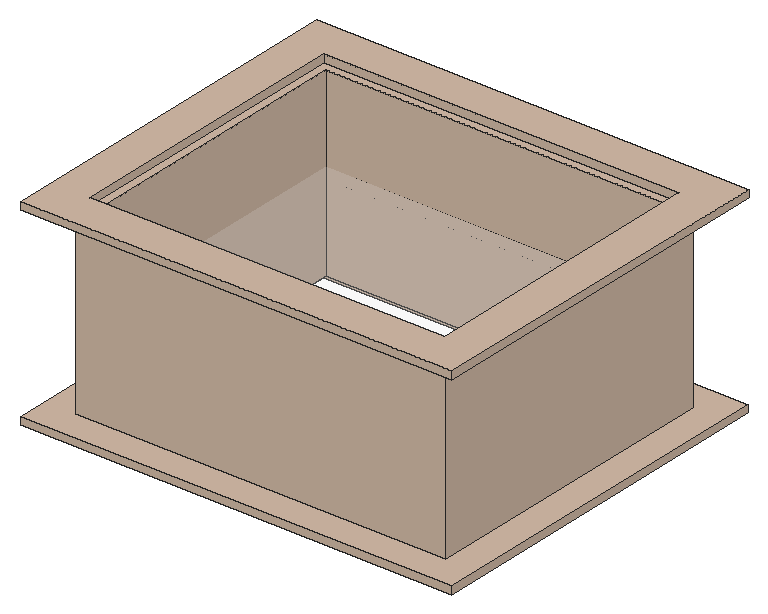
Revit family "Window_Finlandia_Sauna-Window-Opening", category Windows, host Face, Revit 2026
Family settings
  Host = Face
  Classification Number = 23.30.20.17.11
  Cut with Voids When Loaded = No
  Shared = Yes
  Room Calculation Point = No
Parameters
  Warranty Duration (Years) = 0
  Wall Thickness [instance] = 1' - 0"
  Unit Width [instance] = 2' - 0"
  Unit Height [instance] = 1' - 8"
  URL = "http://www.finlandiasauna.com/index.html"
  Test Data = ""
  Specification = "http://www.arcat.com/sdspecs/htm/13052fin.htm"
  SpecWizard = ""
  Send Message = "http://www.arcat.com/users.pl?action=UserEmail&amp;company=Finlandia+Sauna+Products,+Inc.&amp;coid=32492&amp;rep=133&amp;fax=503-684-1120&amp;mf=95"
  Sales Information = "http://www.finlandiasauna.com/sauna-contactus.html"
  Revision = "R1_2014-07"
  Product Properties = ""
  Product Data = "http://www.arcat.com/arcatcos/cos9532/arc32492.html"
  Model = "As Specified"
  Manufacturer Website = "http://www.finlandiasauna.com/index.html"
  Manufacturer Phone - Toll Free = "800-354-3342"
  Manufacturer Phone = "503-684-8289"
  Manufacturer Fax = "503-684-1120"
  Manufacturer Address = "14010-B S.W. 72nd Ave.  Portland, OR 97224-0088"
  Manufacturer = "Finlandia Sauna Products, Inc."
  Maintenance Schedule (Months) = 0
  Keynote = "13052"
  Installation-Fabrication = ""
  Installation Phase = ""
  Green Building-LEED = "http://www.arcat.com/green/clients95/leed_data_32492.html"
  Glazing Tint [instance] = Glazing - Finlandia - Clear
  Frame Finish [instance] = Wood - Douglas Fir - Finlandia - Finish as Specified
  Expected Lifespan (Years) = 0
  Drawn By = "Sumex Design, Inc. / Robert S. Weygant, CSI, CDT, SCIP"
  Description = "Finlandia Fixed Window Opening - Size as Specified"
  Default Elevation = 0' - 0"
  Copyright = "©Arcat Inc."
  Construction Details = "http://www.arcat.com/details/finsauna/95finsauna.html?coid=32492"
  Building Codes = ""
  Assembly Code = "B2020130"
Reference planes (in)
  plane 1 "Center (Front/Back)": y = 0
  plane 2: z = 0
  plane 3 "Center (Left/Right)": x = 0
  plane 4: y = 10
  plane 5: y = -10
  plane 6: x = -12
  plane 7: x = 12
  plane 8: z = 0
  plane 9: z = -6
  plane 10: z = -12
Forms (in)
  Sweep 1, solid, material "Wood - Douglas Fir - Finlandia - Finish as Specified" <- "Frame Finish"
    path origin (0, 0, 0) x (1, 0, 0) y (0, 1, 0)
      loop
        line (-12, 10) -> (-12, -10) -> (12, -10) -> (12, 10) -> (-12, 10)
    profile origin (0, 10, 0) x (0, 1, 0) y (0, 0, 1)
      loop
        line (-0.5, -12) -> (-0.5, -12.5) -> (2, -12.5) -> (2, -12) -> (0, -12) -> (0, 0) -> (2, 0) -> (2, 0.5) -> (-0.5, 0.5) -> (-0.5, 0) -> (-1, 0) -> (-1, -12) -> (-0.5, -12)
  Extrusion 2, solid, material "Glazing - Finlandia - Clear" <- "Glazing Tint"
    sketch origin (0, -15.04723, -6) x (0, -1, 0) y (1, 0, 0)
      loop
        line (-24.04723, -11) -> (-6.04723, -11) -> (-6.04723, 11) -> (-24.04723, 11) -> (-24.04723, -11)
    from 0.375 to -0.375
  Extrusion 3, void
    sketch origin (0, 0, 0) x (1, 0, 0) y (0, 1, 0)
      loop
        line (-12, 10) -> (-12, -10) -> (12, -10) -> (12, 10) -> (-12, 10)
    from -12 to 0
Dimensions and locks (in)
  equal spacing: plane 4, plane 1 "Center (Front/Back)", plane 5
  "Unit Height": plane 4 to plane 5
  equal spacing: plane 6, plane 3 "Center (Left/Right)", plane 7
  "Unit Width": plane 6 to plane 7
  locked: Sweep 1 sketch curve to plane 8 at 0.5
  Sweep 1 sketch curve to plane 4 to Sweep 1 sketch curve = 0' - 0 1/2" locked, 0' - 2" locked  (x2)
  locked: Sweep 1 sketch curve to plane 4 at 1
  locked: plane 4 to Extrusion 2 sketch curve at 1
  locked: Extrusion 2 sketch curve to plane 5 at 1
  locked: Extrusion 2 sketch curve to plane 7 at 1
  locked: plane 6 to Extrusion 2 sketch curve at 1
  equal spacing: plane 8, plane 9, plane 10
  "Wall Thickness": plane 8 to plane 10
  locked: plane 10 to Sweep 1 sketch curve at 0.5
  aligned and locked: plane 2 to host face
  aligned and locked: level to host face
  aligned and locked: Sweep 1 sketch curve to plane 4  (x2)
  aligned and locked: plane 6 to Sweep 1 sketch curve
  aligned and locked: plane 5 to Sweep 1 sketch curve
  aligned and locked: Sweep 1 sketch curve to plane 7
  aligned and locked: plane 8 to Sweep 1 sketch curve  (x2)
  aligned and locked: plane 8 to level
  aligned and locked: Sweep 1 sketch curve to Sweep 1 sketch curve
  aligned and locked: plane 10 to Sweep 1 sketch curve
  aligned and locked: plane 6 to Extrusion 3 sketch curve
  aligned and locked: Extrusion 3 sketch curve to plane 4
  aligned and locked: Extrusion 3 sketch curve to plane 7
  aligned and locked: plane 5 to Extrusion 3 sketch curve
  aligned and locked: Extrusion 3 to plane 10
  aligned and locked: level to Extrusion 3
Automatic sketch dimensions
  host sketch curve to host sketch curve = 8' - 0"  (x2)
